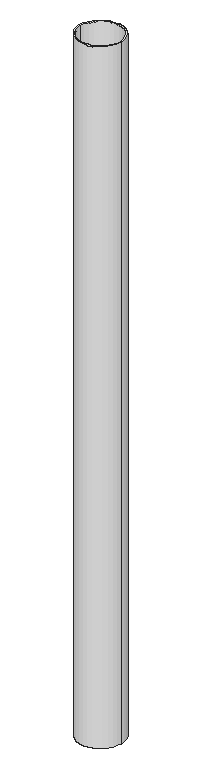
Revit family
Parameters (values of type "CHS168.3x4")
  Column Material [instance] = Metal - Steel - 345 MPa
  Assembly Code = ""
  A = 0.002 m²
  W = 0.38246
  OD = 168.3 mm
  t = 4 mm
Reference planes
  plane 1 "Center (Front/Back)": y = 0
  plane 2: z = 0
  plane 3 "Center (Left/Right)": x = 0
  plane 4: x = -84.15
  plane 5: x = 84.15
  plane 6: y = 84.15
  plane 7: y = -84.15
  plane 8: x = -80.15
  plane 9: x = 80.15
Forms (mm)
  Extrusion 1, solid, material "Metal - Steel - 345 MPa" <- "Column Material", detail levels medium+fine
    sketch origin (0, 0, 0) x (1, 0, 0) y (0, 1, 0)
      loop
        circle (0, 0) r 84.15
      loop
        circle (0, 0) r 80.15
    from 0 to 2500
Lines and regions (mm)
  symbolic lines, style "StructuralColumnStickSymbols", detail levels coarse
    curve 1: arc (-84.15, 0, 0) -> (0, -84.15, 0) -> (84.15, 0, 0) r 84.15
    curve 2: arc (84.15, 0, 0) -> (0, 84.15, 0) -> (-84.15, 0, 0) r 84.15
Dimensions and locks
  equal spacing: plane 4, plane 3 "Center (Left/Right)", plane 5
  equal spacing: plane 7, plane 1 "Center (Front/Back)", plane 6
  "OD": plane 7 to plane 6
  "OD": plane 4 to plane 5
  "t": plane 4 to plane 8
  "t": plane 9 to plane 5
  aligned and locked: level to Extrusion 1
  aligned and locked: level to plane 2
  aligned and locked: Extrusion 1 to plane 2
  aligned and locked: curve 1 to Extrusion 1
Automatic sketch dimensions
  Extrusion 1 sketch curve to plane 1 "Center (Front/Back)" = 0 mm  (x2)
  Extrusion 1 sketch curve to plane 4 = 0 mm
  Extrusion 1 sketch curve to plane 8 = 0 mm
  Extrusion 1 sketch curve to plane 3 "Center (Left/Right)" = 0 mm  (x2)
